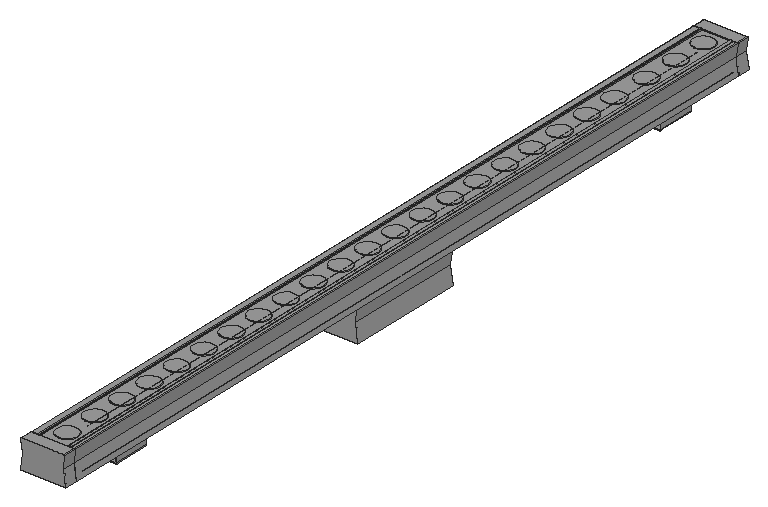
Revit family "SH-1395-80CM", category Lighting Fixtures, Revit 2017
Family settings
  Round Connector Dimension = Use Diameter
  Part Type = Normal
  OmniClass Number = 23.80.70.00
  OmniClass Title = Lighting
  Work Plane-Based = Yes
  Always vertical = No
  Cut with Voids When Loaded = No
  Light Source = No
  Shared = Yes
  Room Calculation Point = No
Parameters (values of type "Sh-1395-24W-80cm(anodized aluminum color-2000K-LED)")
  wattage = 24 W
  instalation = ""
  consumption current = 0.11 A
  color temperature = "2000K"
  color rendering index(CRI) = ""
  Width = 4.2377 cm
  Website = "www.shoaco.com"
  Voltage/Frequency = "230V/50HZ"
  URL = "https://www.shoaco.com/fa/product/%D9%BE%D8%B1%D9%88%DA%98%DA%A9%D8%AA%D9%88%D8%B1-%D9%87%D8%A7/533-%D9%88%D8%A7%D9%84-%D9%88%D8%A7%D8%B4%D8%B1-sh-1395-24LED.html"
  Type medule = "Power LED"
  Protection Class = "Class I"
  Model = "SH-1395-40cm"
  Manufacturer = "SHOA"
  Luminaire Vertical Angle [instance] = 0.00°
  Length = 82.3547 cm
  Lamp = "LED"
  IP = "IP65"
  Height = 7.345 cm
  Flicker = "Free Flicker"
  Default Elevation = 121.92 cm
  Body color = Anodize color
  Body Material = "Aluminum"
  6000K = no
  3000K = no
  2000K = yes
Types (4, lengths in cm): name | color temperature | 6000K | 3000K | 2000K
  (no name) | "2000K" | no | no | yes
  Sh-1395-24W-80cm(anodized aluminum color-3000K-LED) | "3000K" | no | yes | no
  Sh-1395-24W-80cm(anodized aluminum color-2000K-LED) | "2000K" | no | no | yes
  Sh-1395-24W-80cm(anodized aluminum color-6000K-LED) | "6000K" | yes | no | no
Reference planes (cm)
  plane 1 "Light Source Axis (F/B)": y = 0
  plane 2: z = 0
  plane 3 "Light Source Axis (L/R)": x = 0
  plane 4 "Light Source Elevation": z = 137.16
  plane 5: x = -1.2506
  plane 6: x = 2.9871
  plane 7: z = 7.345
Forms (cm)
  Extrusion 1, solid, not visible
    sketch origin (58.7935, 36.7249, 0) x (1, 0, 0) y (0, 1, 0)
      loop
        line (31.2065, 29.2751) -> (-148.7935, 29.2751) -> (-148.7935, -100.7249) -> (31.2065, -100.7249) -> (31.2065, 29.2751)
    from -8 to 0
Dimensions and locks (cm)
  "Width": plane 5 to plane 6
  "Height": plane 7 to Extrusion 1
  "Length": nested 2 to nested 2
  aligned and locked: level to plane 2
  aligned and locked: level to Extrusion 1
Automatic sketch dimensions
  plane 5 to Extrusion 1 sketch curve = 88.7494 cm
  Extrusion 1 sketch curve to plane 6 = 87.0129 cm
  plane 1 "Light Source Axis (F/B)" to Extrusion 1 sketch curve = 64.0 cm
  Extrusion 1 sketch curve to plane 1 "Light Source Axis (F/B)" = 66.0 cm
Nested families (cm)
  nested 1: "1395-80cm.ies" at (0.9072, -15.4352, 7.8177) x (0.0004, 0, -1) z (0, 1, 0), visible <- "2000K", type "1395-80cm-2000K"
  nested 2: "1395-80cm" at (0.8689, -6.1875, 3.1013) x (-1, 0, 0) z (0, 0, 1), Luminaire Vertical Angle <- "Luminaire Vertical Angle", Body color <- "Body color", type "1395-80cm"
    with Luminaire Vertical Angle 0.00°, Body color Anodize color
  nested 3: "1395-80cm.ies" at (0.9072, 38.2083, 7.823) x (0.0004, 0, -1) z (0, 1, 0), visible <- "2000K", type "1395-80cm-2000K"
  nested 4: "1395-80cm.ies" at (0.9072, 14.3283, 7.7916) x (0.0004, 0, -1) z (0, 1, 0), visible <- "2000K", type "1395-80cm-2000K"
  nested 5: "1395-80cm.ies" at (0.9072, 17.5673, 7.823) x (0.0004, 0, -1) z (0, 1, 0), visible <- "2000K", type "1395-80cm-2000K"
  nested 6: "1395-80cm.ies" at (0.9072, 20.8831, 7.823) x (0.0004, 0, -1) z (0, 1, 0), visible <- "2000K", type "1395-80cm-2000K"
  nested 7: "1395-80cm.ies" at (0.9072, 24.1006, 7.7955) x (0.0004, 0, -1) z (0, 1, 0), visible <- "2000K", type "1395-80cm-2000K"
  nested 8: "1395-80cm.ies" at (0.9072, 27.4831, 7.823) x (0.0004, 0, -1) z (0, 1, 0), visible <- "2000K", type "1395-80cm-2000K"
  nested 9: "1395-80cm.ies" at (0.9072, 31.3331, 7.823) x (0.0004, 0, -1) z (0, 1, 0), visible <- "2000K", type "1395-80cm-2000K"
  nested 10: "1395-80cm.ies" at (0.9072, 34.7981, 7.823) x (0.0004, 0, -1) z (0, 1, 0), visible <- "2000K", type "1395-80cm-2000K"
  nested 11: "1395-80cm.ies" at (0.9072, 10.9006, 7.823) x (0.0004, 0, -1) z (0, 1, 0), visible <- "2000K", type "1395-80cm-2000K"
  nested 12: "1395-80cm.ies" at (0.9072, -38.6327, 7.8901) x (0.0004, 0, -1) z (0, 1, 0), visible <- "2000K", type "1395-80cm-2000K"
  nested 13: "1395-80cm.ies" at (0.9072, -35.2471, 7.8135) x (0.0004, 0, -1) z (0, 1, 0), visible <- "2000K", type "1395-80cm-2000K"
  nested 14: "1395-80cm.ies" at (0.9072, -31.9016, 7.8089) x (0.0004, 0, -1) z (0, 1, 0), visible <- "2000K", type "1395-80cm-2000K"
  nested 15: "1395-80cm.ies" at (0.9072, -28.6642, 7.8219) x (0.0004, 0, -1) z (0, 1, 0), visible <- "2000K", type "1395-80cm-2000K"
  nested 16: "1395-80cm.ies" at (0.9072, -25.3498, 7.8019) x (0.0004, 0, -1) z (0, 1, 0), visible <- "2000K", type "1395-80cm-2000K"
  nested 17: "1395-80cm.ies" at (0.9072, -22.1203, 7.8235) x (0.0004, 0, -1) z (0, 1, 0), visible <- "2000K", type "1395-80cm-2000K"
  nested 18: "1395-80cm.ies" at (0.9072, -18.6841, 7.823) x (0.0004, 0, -1) z (0, 1, 0), visible <- "2000K", type "1395-80cm-2000K"
  nested 19: "1395-80cm.ies" at (0.9072, -12.0767, 7.8231) x (0.0004, 0, -1) z (0, 1, 0), visible <- "2000K", type "1395-80cm-2000K"
  nested 20: "1395-80cm.ies" at (0.9072, -8.8537, 7.844) x (0.0004, 0, -1) z (0, 1, 0), visible <- "2000K", type "1395-80cm-2000K"
  nested 21: "1395-80cm.ies" at (0.9072, -5.4434, 7.7398) x (0.0004, 0, -1) z (0, 1, 0), visible <- "2000K", type "1395-80cm-2000K"
  nested 22: "1395-80cm.ies" at (0.9072, -2.1995, 7.7814) x (0.0004, 0, -1) z (0, 1, 0), visible <- "2000K", type "1395-80cm-2000K"
  nested 23: "1395-80cm.ies" at (0.9072, 1.1206, 7.7817) x (0.0004, 0, -1) z (0, 1, 0), visible <- "2000K", type "1395-80cm-2000K"
  nested 24: "1395-80cm.ies" at (0.9072, 4.4022, 7.7822) x (0.0004, 0, -1) z (0, 1, 0), visible <- "2000K", type "1395-80cm-2000K"
  nested 25: "1395-80cm.ies" at (0.9072, 7.6329, 7.7822) x (0.0004, 0, -1) z (0, 1, 0), visible <- "2000K", type "1395-80cm-2000K"
  nested 26: "1395-80cm.ies" at (0.9072, 38.2083, 7.823) x (0.0004, 0, -1) z (0, 1, 0), visible <- "3000K", type "1395-80cm-3000K"
  nested 27: "1395-80cm.ies" at (0.9072, 14.3283, 7.7916) x (0.0004, 0, -1) z (0, 1, 0), visible <- "3000K", type "1395-80cm-3000K"
  nested 28: "1395-80cm.ies" at (0.9072, 17.5673, 7.823) x (0.0004, 0, -1) z (0, 1, 0), visible <- "3000K", type "1395-80cm-3000K"
  nested 29: "1395-80cm.ies" at (0.9072, 20.8831, 7.823) x (0.0004, 0, -1) z (0, 1, 0), visible <- "3000K", type "1395-80cm-3000K"
  nested 30: "1395-80cm.ies" at (0.9072, 24.1006, 7.7955) x (0.0004, 0, -1) z (0, 1, 0), visible <- "3000K", type "1395-80cm-3000K"
  nested 31: "1395-80cm.ies" at (0.9072, 27.4831, 7.823) x (0.0004, 0, -1) z (0, 1, 0), visible <- "3000K", type "1395-80cm-3000K"
  nested 32: "1395-80cm.ies" at (0.9072, 31.3331, 7.823) x (0.0004, 0, -1) z (0, 1, 0), visible <- "3000K", type "1395-80cm-3000K"
  nested 33: "1395-80cm.ies" at (0.9072, 34.7981, 7.823) x (0.0004, 0, -1) z (0, 1, 0), visible <- "3000K", type "1395-80cm-3000K"
  nested 34: "1395-80cm.ies" at (0.9072, 10.9006, 7.823) x (0.0004, 0, -1) z (0, 1, 0), visible <- "3000K", type "1395-80cm-3000K"
  nested 35: "1395-80cm.ies" at (0.9072, -38.6327, 7.8901) x (0.0004, 0, -1) z (0, 1, 0), visible <- "3000K", type "1395-80cm-3000K"
  nested 36: "1395-80cm.ies" at (0.9072, -35.2471, 7.8135) x (0.0004, 0, -1) z (0, 1, 0), visible <- "3000K", type "1395-80cm-3000K"
  nested 37: "1395-80cm.ies" at (0.9072, -31.9016, 7.8089) x (0.0004, 0, -1) z (0, 1, 0), visible <- "3000K", type "1395-80cm-3000K"
  nested 38: "1395-80cm.ies" at (0.9072, -28.6642, 7.8219) x (0.0004, 0, -1) z (0, 1, 0), visible <- "3000K", type "1395-80cm-3000K"
  nested 39: "1395-80cm.ies" at (0.9072, -25.3498, 7.8019) x (0.0004, 0, -1) z (0, 1, 0), visible <- "3000K", type "1395-80cm-3000K"
  nested 40: "1395-80cm.ies" at (0.9072, -22.1203, 7.8235) x (0.0004, 0, -1) z (0, 1, 0), visible <- "3000K", type "1395-80cm-3000K"
  nested 41: "1395-80cm.ies" at (0.9072, -18.6841, 7.823) x (0.0004, 0, -1) z (0, 1, 0), visible <- "3000K", type "1395-80cm-3000K"
  nested 42: "1395-80cm.ies" at (0.9072, -12.0767, 7.8231) x (0.0004, 0, -1) z (0, 1, 0), visible <- "3000K", type "1395-80cm-3000K"
  nested 43: "1395-80cm.ies" at (0.9072, -8.8537, 7.844) x (0.0004, 0, -1) z (0, 1, 0), visible <- "3000K", type "1395-80cm-3000K"
  nested 44: "1395-80cm.ies" at (0.9072, -5.4434, 7.7398) x (0.0004, 0, -1) z (0, 1, 0), visible <- "3000K", type "1395-80cm-3000K"
  nested 45: "1395-80cm.ies" at (0.9072, -2.1995, 7.7814) x (0.0004, 0, -1) z (0, 1, 0), visible <- "3000K", type "1395-80cm-3000K"
  nested 46: "1395-80cm.ies" at (0.9072, 1.1206, 7.7817) x (0.0004, 0, -1) z (0, 1, 0), visible <- "3000K", type "1395-80cm-3000K"
  nested 47: "1395-80cm.ies" at (0.9072, 4.4022, 7.7822) x (0.0004, 0, -1) z (0, 1, 0), visible <- "3000K", type "1395-80cm-3000K"
  nested 48: "1395-80cm.ies" at (0.9072, 7.6329, 7.7822) x (0.0004, 0, -1) z (0, 1, 0), visible <- "3000K", type "1395-80cm-3000K"
  nested 49: "1395-80cm.ies" at (0.9072, -19.9341, 7.823) x (0.0004, 0, -1) z (0, 1, 0), visible <- "3000K", type "1395-80cm-3000K"
  nested 50: "1395-80cm.ies" at (0.9072, 38.2083, 7.823) x (0.0004, 0, -1) z (0, 1, 0), visible <- "6000K", type "1395-80cm-6000K"
  nested 51: "1395-80cm.ies" at (0.9072, 14.3283, 7.7916) x (0.0004, 0, -1) z (0, 1, 0), visible <- "6000K", type "1395-80cm-6000K"
  nested 52: "1395-80cm.ies" at (0.9072, 17.5673, 7.823) x (0.0004, 0, -1) z (0, 1, 0), visible <- "6000K", type "1395-80cm-6000K"
  nested 53: "1395-80cm.ies" at (0.9072, 20.8831, 7.823) x (0.0004, 0, -1) z (0, 1, 0), visible <- "6000K", type "1395-80cm-6000K"
  nested 54: "1395-80cm.ies" at (0.9072, 24.1006, 7.7955) x (0.0004, 0, -1) z (0, 1, 0), visible <- "6000K", type "1395-80cm-6000K"
  nested 55: "1395-80cm.ies" at (0.9072, 27.4831, 7.823) x (0.0004, 0, -1) z (0, 1, 0), visible <- "6000K", type "1395-80cm-6000K"
  nested 56: "1395-80cm.ies" at (0.9072, 31.3331, 7.823) x (0.0004, 0, -1) z (0, 1, 0), visible <- "6000K", type "1395-80cm-6000K"
  nested 57: "1395-80cm.ies" at (0.9072, 34.7981, 7.823) x (0.0004, 0, -1) z (0, 1, 0), visible <- "6000K", type "1395-80cm-6000K"
  nested 58: "1395-80cm.ies" at (0.9072, 10.9006, 7.823) x (0.0004, 0, -1) z (0, 1, 0), visible <- "6000K", type "1395-80cm-6000K"
  nested 59: "1395-80cm.ies" at (0.9072, -38.6327, 7.8901) x (0.0004, 0, -1) z (0, 1, 0), visible <- "6000K", type "1395-80cm-6000K"
  nested 60: "1395-80cm.ies" at (0.9072, -35.2471, 7.8135) x (0.0004, 0, -1) z (0, 1, 0), visible <- "6000K", type "1395-80cm-6000K"
  nested 61: "1395-80cm.ies" at (0.9072, -31.9016, 7.8089) x (0.0004, 0, -1) z (0, 1, 0), visible <- "6000K", type "1395-80cm-6000K"
  nested 62: "1395-80cm.ies" at (0.9072, -28.6642, 7.8219) x (0.0004, 0, -1) z (0, 1, 0), visible <- "6000K", type "1395-80cm-6000K"
  nested 63: "1395-80cm.ies" at (0.9072, -25.3498, 7.8019) x (0.0004, 0, -1) z (0, 1, 0), visible <- "6000K", type "1395-80cm-6000K"
  nested 64: "1395-80cm.ies" at (0.9072, -22.1203, 7.8235) x (0.0004, 0, -1) z (0, 1, 0), visible <- "6000K", type "1395-80cm-6000K"
  nested 65: "1395-80cm.ies" at (0.9072, -18.6841, 7.823) x (0.0004, 0, -1) z (0, 1, 0), visible <- "6000K", type "1395-80cm-6000K"
  nested 66: "1395-80cm.ies" at (0.9072, -12.0767, 7.8231) x (0.0004, 0, -1) z (0, 1, 0), visible <- "6000K", type "1395-80cm-6000K"
  nested 67: "1395-80cm.ies" at (0.9072, -8.8537, 7.844) x (0.0004, 0, -1) z (0, 1, 0), visible <- "6000K", type "1395-80cm-6000K"
  nested 68: "1395-80cm.ies" at (0.9072, -5.4434, 7.7398) x (0.0004, 0, -1) z (0, 1, 0), visible <- "6000K", type "1395-80cm-6000K"
  nested 69: "1395-80cm.ies" at (0.9072, -2.1995, 7.7814) x (0.0004, 0, -1) z (0, 1, 0), visible <- "6000K", type "1395-80cm-6000K"
  nested 70: "1395-80cm.ies" at (0.9072, 1.1206, 7.7817) x (0.0004, 0, -1) z (0, 1, 0), visible <- "6000K", type "1395-80cm-6000K"
  nested 71: "1395-80cm.ies" at (0.9072, 4.4022, 7.7822) x (0.0004, 0, -1) z (0, 1, 0), visible <- "6000K", type "1395-80cm-6000K"
  nested 72: "1395-80cm.ies" at (0.9072, 7.6329, 7.7822) x (0.0004, 0, -1) z (0, 1, 0), visible <- "6000K", type "1395-80cm-6000K"
  nested 73: "1395-80cm.ies" at (0.9072, -19.9341, 7.823) x (0.0004, 0, -1) z (0, 1, 0), visible <- "6000K", type "1395-80cm-6000K"
Connectors (cm)
  electrical at (0.882, -0.4982, 1.0216)
    settings: on nested 2, index 1, voltage 230 V, apparent load 0 VA, apparent load phase1 0 VA, apparent load phase2 0 VA, apparent load phase3 0 VA, power factor 1, load classification "Other", number of poles 1, system type 31, power factor state 1, is connector primary yes, connector utility no, sub classification motor no, connector description ""
Definition of nested family "1395-80cm"
  Parameters (values of type "Family3")
    Luminaire Vertical Angle [instance] = 0.00°
    Default Elevation = 121.92 cm
    Body color [instance] = none
  Reference planes (cm)
    plane 1 "Center (Front/Back)": y = 0
    plane 2: z = 0
    plane 3 "Center (Left/Right)": x = 0
  Forms (cm)
    Extrusion 1, solid, not visible
      sketch origin (0, 0, 0) x (1, 0, 0) y (0, 1, 0)
        loop
          line (50, 59.7561) -> (-50, 59.7561) -> (-50, -66) -> (50, -66) -> (50, 59.7561)
      from 0 to -7.867
    Extrusion 2, solid, material <- "Body color"
      sketch origin (-0.0032, 0, 27.9152) x (-0.000432, 0, -1) y (1, 0, -0.000432)
        loop
          line (26.9927, 1.965) -> (26.9927, 2.201) -> (25.4269, 1.9786) -> (24.26, 2.1282)
          arc (24.26, 2.1282) -> (24.2021, 2.1105) -> (24.1771, 2.0553) r 0.0735
          line (24.1771, 2.0553) -> (24.1771, 1.4818)
          arc (24.1771, 1.4818) -> (24.1926, 1.4443) -> (24.2301, 1.4288) r 0.053
          line (24.2301, 1.4288) -> (24.3275, 1.4288)
          arc (24.3275, 1.4288) -> (24.3701, 1.4464) -> (24.3878, 1.489) r 0.0603
          line (24.3878, 1.489) -> (24.3878, 1.5758) -> (24.2888, 1.6376) -> (24.303, 1.7275) -> (24.7028, 1.7275) -> (25.025, 1.7275)
          arc (25.025, 1.7275) -> (25.0623, 1.7121) -> (25.0778, 1.6748) r 0.0528
          line (25.0778, 1.6748) -> (25.0778, 1.5075) -> (24.9378, 1.5075) -> (24.9378, 1.3775) -> (26.2978, 1.3775) -> (26.2978, 1.5075) -> (26.4976, 1.5075)
          arc (26.4976, 1.5075) -> (26.5331, 1.4929) -> (26.5478, 1.4574) r 0.0501
          line (26.5478, 1.4574) -> (26.5478, 0.0075) -> (26.5478, -1.4423)
          arc (26.5478, -1.4423) -> (26.5331, -1.4778) -> (26.4976, -1.4925) r 0.0501
          line (26.4976, -1.4925) -> (26.2978, -1.4925) -> (26.2978, -1.3625) -> (24.9378, -1.3625) -> (24.9378, -1.4925) -> (25.0778, -1.4925) -> (25.0778, -1.6597)
          arc (25.0778, -1.6597) -> (25.0623, -1.697) -> (25.025, -1.7125) r 0.0528
          line (25.025, -1.7125) -> (24.7028, -1.7125) -> (24.303, -1.7125) -> (24.2888, -1.6225) -> (24.3878, -1.5607) -> (24.3878, -1.474)
          arc (24.3878, -1.474) -> (24.3701, -1.4313) -> (24.3275, -1.4137) r 0.0603
          line (24.3275, -1.4137) -> (24.2301, -1.4137)
          arc (24.2301, -1.4137) -> (24.1926, -1.4292) -> (24.1771, -1.4667) r 0.053
          line (24.1771, -1.4667) -> (24.1771, -2.0402)
          arc (24.1771, -2.0402) -> (24.2021, -2.0954) -> (24.26, -2.1132) r 0.0735
          line (24.26, -2.1132) -> (25.4269, -1.9635) -> (26.9927, -2.1859) -> (26.9927, -1.9499) -> (26.6878, -1.9066) -> (26.6878, -1.8073)
          arc (26.6878, -1.8073) -> (26.6463, -1.7538) -> (26.5841, -1.7806) r 0.0553
          arc (26.5841, -1.7806) -> (26.4628, -1.8346) -> (26.3779, -1.7326) r 0.11
          arc (26.3779, -1.7326) -> (26.4468, -1.6253) -> (26.5708, -1.6553) r 0.11
          arc (26.5708, -1.6553) -> (26.6444, -1.6741) -> (26.6878, -1.6116) r 0.0666
          line (26.6878, -1.6116) -> (26.6878, -1.4707)
          arc (26.6878, -1.4707) -> (26.7048, -1.4295) -> (26.746, -1.4125) r 0.0583
          line (26.746, -1.4125) -> (26.8353, -1.4125)
          arc (26.8353, -1.4125) -> (26.8729, -1.428) -> (26.8885, -1.4657) r 0.0532
          line (26.8885, -1.4657) -> (26.8885, -1.5901)
          arc (26.8885, -1.5901) -> (26.9396, -1.6411) -> (26.9907, -1.5901) r 0.0511
          line (26.9907, -1.5901) -> (26.9907, -1.234)
          arc (26.9907, -1.234) -> (26.9756, -1.1976) -> (26.9391, -1.1825) r 0.0516
          line (26.9391, -1.1825) -> (26.7278, -1.1825)
          arc (26.7278, -1.1825) -> (26.6678, -1.1225) -> (26.7278, -1.0625) r 0.06
          line (26.7278, -1.0625) -> (26.9465, -1.0625)
          arc (26.9465, -1.0625) -> (26.9915, -1.0175) -> (26.9465, -0.9725) r 0.045
          line (26.9465, -0.9725) -> (26.7278, -0.9725)
          arc (26.7278, -0.9725) -> (26.6678, -0.9125) -> (26.7278, -0.8525) r 0.06
          line (26.7278, -0.8525) -> (26.9543, -0.8525)
          arc (26.9543, -0.8525) -> (26.9993, -0.8075) -> (26.9543, -0.7625) r 0.045
          line (26.9543, -0.7625) -> (26.7278, -0.7625)
          arc (26.7278, -0.7625) -> (26.6678, -0.7025) -> (26.7278, -0.6425) r 0.06
          line (26.7278, -0.6425) -> (26.9465, -0.6425)
          arc (26.9465, -0.6425) -> (26.9915, -0.5975) -> (26.9465, -0.5525) r 0.045
          line (26.9465, -0.5525) -> (26.7278, -0.5525)
          arc (26.7278, -0.5525) -> (26.6678, -0.4925) -> (26.7278, -0.4325) r 0.06
          line (26.7278, -0.4325) -> (26.9379, -0.4325)
          arc (26.9379, -0.4325) -> (26.9747, -0.4172) -> (26.9899, -0.3804) r 0.052
          line (26.9899, -0.3804) -> (26.9899, 0.0075) -> (26.9899, 0.3955)
          arc (26.9899, 0.3955) -> (26.9747, 0.4323) -> (26.9379, 0.4475) r 0.052
          line (26.9379, 0.4475) -> (26.7278, 0.4475)
          arc (26.7278, 0.4475) -> (26.6678, 0.5075) -> (26.7278, 0.5675) r 0.06
          line (26.7278, 0.5675) -> (26.9543, 0.5675)
          arc (26.9543, 0.5675) -> (26.9993, 0.6125) -> (26.9543, 0.6575) r 0.045
          line (26.9543, 0.6575) -> (26.7278, 0.6575)
          arc (26.7278, 0.6575) -> (26.6678, 0.7175) -> (26.7278, 0.7775) r 0.06
          line (26.7278, 0.7775) -> (26.9465, 0.7775)
          arc (26.9465, 0.7775) -> (26.9915, 0.8225) -> (26.9465, 0.8675) r 0.045
          line (26.9465, 0.8675) -> (26.7278, 0.8675)
          arc (26.7278, 0.8675) -> (26.6678, 0.9275) -> (26.7278, 0.9875) r 0.06
          line (26.7278, 0.9875) -> (26.9543, 0.9875)
          arc (26.9543, 0.9875) -> (26.9993, 1.0325) -> (26.9543, 1.0775) r 0.045
          line (26.9543, 1.0775) -> (26.7278, 1.0775)
          arc (26.7278, 1.0775) -> (26.6678, 1.1375) -> (26.7278, 1.1975) r 0.06
          line (26.7278, 1.1975) -> (26.9391, 1.1975)
          arc (26.9391, 1.1975) -> (26.9756, 1.2126) -> (26.9907, 1.2491) r 0.0516
          line (26.9907, 1.2491) -> (26.9907, 1.6051)
          arc (26.9907, 1.6051) -> (26.9396, 1.6562) -> (26.8885, 1.6051) r 0.0511
          line (26.8885, 1.6051) -> (26.8885, 1.4808)
          arc (26.8885, 1.4808) -> (26.8729, 1.4431) -> (26.8353, 1.4275) r 0.0532
          line (26.8353, 1.4275) -> (26.746, 1.4275)
          arc (26.746, 1.4275) -> (26.7048, 1.4446) -> (26.6878, 1.4858) r 0.0583
          line (26.6878, 1.4858) -> (26.6878, 1.6267)
          arc (26.6878, 1.6267) -> (26.6444, 1.6892) -> (26.5708, 1.6704) r 0.0666
          arc (26.5708, 1.6704) -> (26.4468, 1.6404) -> (26.3779, 1.7477) r 0.11
          arc (26.3779, 1.7477) -> (26.4628, 1.8497) -> (26.5841, 1.7957) r 0.11
          arc (26.5841, 1.7957) -> (26.6463, 1.7688) -> (26.6878, 1.8224) r 0.0553
          line (26.6878, 1.8224) -> (26.6878, 1.9217) -> (26.9983, 1.9658)
      from -34.0478 to 45.9068
    Extrusion 3, solid, material <- "Body color"
      sketch origin (-0.0032, 0, 27.9152) x (-0.000432, 0, -1) y (1, 0, -0.000432)
        loop
          line (24.9378, -1.4925) -> (24.9378, 1.5075) -> (24.8466, 1.5075) -> (24.8466, -1.4925) -> (24.9378, -1.4925)
      from 45.9068 to -34.0478
    Extrusion 4, solid, material <- "Body color"
      sketch origin (-0.0032, 0, 27.9152) x (-0.000432, 0, -1) y (1, 0, -0.000432)
        loop
          line (24.2301, 1.4288) -> (24.2301, -1.4137) -> (24.3275, -1.4137) -> (24.3275, 1.4288) -> (24.2301, 1.4288)
      from 45.9068 to -34.0478
    Extrusion 5, solid, material <- "Body color"
      sketch origin (-0.0032, 0, 27.9152) x (-0.000432, 0, -1) y (1, 0, -0.000432)
        loop
          line (26.8366, -1.5373) -> (26.7566, -1.5373) -> (26.7566, -1.7172)
          arc (26.7566, -1.7172) -> (26.7952, -1.8104) -> (26.8884, -1.849) r 0.1318
          line (26.8884, -1.849) -> (27.8524, -1.849)
          arc (27.8524, -1.849) -> (27.9454, -1.8105) -> (27.9839, -1.7175) r 0.1315
          line (27.9839, -1.7175) -> (27.9839, -0.2396)
          arc (27.9839, -0.2396) -> (28.1337, -0.1536) -> (28.2155, -0.0016) r 0.3148
          arc (28.2155, -0.0016) -> (28.1337, 0.1504) -> (27.9839, 0.2364) r 0.3148
          line (27.9839, 0.2364) -> (27.9839, 1.6752)
          arc (27.9839, 1.6752) -> (27.9454, 1.7682) -> (27.8524, 1.8067) r 0.1315
          line (27.8524, 1.8067) -> (26.8884, 1.8067)
          arc (26.8884, 1.8067) -> (26.7952, 1.7681) -> (26.7566, 1.6749) r 0.1318
          line (26.7566, 1.6749) -> (26.7566, 1.5373) -> (26.8366, 1.5373) -> (26.8366, 1.6749)
          arc (26.8366, 1.6749) -> (26.8518, 1.7115) -> (26.8884, 1.7267) r 0.0518
          line (26.8884, 1.7267) -> (27.8524, 1.7267)
          arc (27.8524, 1.7267) -> (27.8889, 1.7116) -> (27.9039, 1.6752) r 0.0515
          line (27.9039, 1.6752) -> (27.9039, 0.2207)
          arc (27.9039, 0.2207) -> (27.9177, 0.1823) -> (27.9528, 0.1614) r 0.0604
          arc (27.9528, 0.1614) -> (28.0656, 0.105) -> (28.1329, -0.0016) r 0.2348
          arc (28.1329, -0.0016) -> (28.0656, -0.1082) -> (27.9528, -0.1646) r 0.2348
          arc (27.9528, -0.1646) -> (27.9177, -0.1855) -> (27.9039, -0.2239) r 0.0604
          line (27.9039, -0.2239) -> (27.9039, -1.7175)
          arc (27.9039, -1.7175) -> (27.8889, -1.754) -> (27.8524, -1.769) r 0.0515
          line (27.8524, -1.769) -> (26.8884, -1.769)
          arc (26.8884, -1.769) -> (26.8518, -1.7539) -> (26.8366, -1.7172) r 0.0518
          line (26.8366, -1.7172) -> (26.8366, -1.5373)
      from 37.0231 to 40.5707
    Extrusion 6, solid, material <- "Body color"
      sketch origin (-0.0032, 0, 27.9152) x (-0.000432, 0, -1) y (1, 0, -0.000432)
        loop
          arc (24.26, 2.1245) -> (24.2021, 2.1068) -> (24.1771, 2.0516) r 0.0735
          line (24.1771, 2.0516) -> (24.1771, -2.04)
          arc (24.1771, -2.04) -> (24.2021, -2.0952) -> (24.26, -2.1129) r 0.0735
          line (24.26, -2.1129) -> (25.4126, -1.9651) -> (26.9996, -2.1906) -> (26.9996, 2.1965) -> (25.4336, 1.974) -> (24.26, 2.1245)
      from 45.9068 to 47.0972
    Extrusion 7, solid, material <- "Body color"
      sketch origin (-0.0032, 0, 27.9152) x (-0.000432, 0, -1) y (1, 0, -0.000432)
        loop
          line (24.1771, 2.0553) -> (24.1771, -2.0402)
          arc (24.1771, -2.0402) -> (24.2021, -2.0954) -> (24.26, -2.1132) r 0.0735
          line (24.26, -2.1132) -> (25.4269, -1.9635) -> (26.9996, -2.1869) -> (26.9996, 2.202) -> (25.4269, 1.9786) -> (24.26, 2.1282)
          arc (24.26, 2.1282) -> (24.2021, 2.1105) -> (24.1771, 2.0553) r 0.0735
      from -35.2575 to -34.0478
    Extrusion 8, solid
      sketch origin (1.4152, 0, 3.6844) x (-1, 0, 0.000432) y (0, -1, 0)
        loop
          circle (1.4738, 44.3792) r 1
      from -0.3052 to 0.0069
    Extrusion 9, solid
      sketch origin (1.4152, 0, 3.6844) x (-1, 0, 0.000432) y (0, -1, 0)
        loop
          circle (1.4738, -32.4004) r 1
      from -0.3052 to 0.0069
    Extrusion 10, solid, material <- "Body color"
      sketch origin (-0.0032, 0, 27.9152) x (-0.000432, 0, -1) y (1, 0, -0.000432)
        loop
          line (26.9899, 2.0516) -> (26.9899, -2.04)
          arc (26.9899, -2.04) -> (27.0149, -2.0952) -> (27.0728, -2.1129) r 0.0735
          line (27.0728, -2.1129) -> (28.2254, -1.9651) -> (29.9949, -2.2165) -> (29.9949, 2.2224) -> (28.2464, 1.974) -> (27.0728, 2.1245)
          arc (27.0728, 2.1245) -> (27.0149, 2.1068) -> (26.9899, 2.0516) r 0.0735
      from 0 to 11.3786
    Extrusion 11, solid, material <- "Body color"
      sketch origin (-0.0032, 0, 27.9152) x (-0.000432, 0, -1) y (1, 0, -0.000432)
        loop
          line (26.8366, -1.5373) -> (26.7566, -1.5373) -> (26.7566, -1.7172)
          arc (26.7566, -1.7172) -> (26.7952, -1.8104) -> (26.8884, -1.849) r 0.1318
          line (26.8884, -1.849) -> (27.8547, -1.849)
          arc (27.8547, -1.849) -> (27.9477, -1.8105) -> (27.9862, -1.7175) r 0.1315
          line (27.9862, -1.7175) -> (27.9862, -0.238)
          arc (27.9862, -0.238) -> (28.136, -0.152) -> (28.2178, 0) r 0.3148
          arc (28.2178, 0) -> (28.136, 0.152) -> (27.9862, 0.238) r 0.3148
          line (27.9862, 0.238) -> (27.9862, 1.6752)
          arc (27.9862, 1.6752) -> (27.9477, 1.7682) -> (27.8547, 1.8067) r 0.1315
          line (27.8547, 1.8067) -> (26.8884, 1.8067)
          arc (26.8884, 1.8067) -> (26.7952, 1.7681) -> (26.7566, 1.6749) r 0.1318
          line (26.7566, 1.6749) -> (26.7566, 1.5373) -> (26.8366, 1.5373) -> (26.8366, 1.6749)
          arc (26.8366, 1.6749) -> (26.8518, 1.7115) -> (26.8884, 1.7267) r 0.0518
          line (26.8884, 1.7267) -> (27.8547, 1.7267)
          arc (27.8547, 1.7267) -> (27.8912, 1.7116) -> (27.9062, 1.6752) r 0.0515
          line (27.9062, 1.6752) -> (27.9062, 0.2223)
          arc (27.9062, 0.2223) -> (27.92, 0.1839) -> (27.9551, 0.163) r 0.0604
          arc (27.9551, 0.163) -> (28.0679, 0.1066) -> (28.1352, 0) r 0.2348
          arc (28.1352, 0) -> (28.0679, -0.1066) -> (27.9551, -0.163) r 0.2348
          arc (27.9551, -0.163) -> (27.92, -0.1839) -> (27.9062, -0.2223) r 0.0604
          line (27.9062, -0.2223) -> (27.9062, -1.7175)
          arc (27.9062, -1.7175) -> (27.8912, -1.754) -> (27.8547, -1.769) r 0.0515
          line (27.8547, -1.769) -> (26.8884, -1.769)
          arc (26.8884, -1.769) -> (26.8518, -1.7539) -> (26.8366, -1.7172) r 0.0518
          line (26.8366, -1.7172) -> (26.8366, -1.5373)
      from -28.6446 to -25.169
    Extrusion 12, solid
      sketch origin (1.4152, 0, 3.6844) x (-1, 0, 0.000432) y (0, -1, 0)
        loop
          circle (1.4738, -29.0983) r 1
      from -0.3052 to 0.0069
    Extrusion 13, solid
      sketch origin (1.4152, 0, 3.6844) x (-1, 0, 0.000432) y (0, -1, 0)
        loop
          circle (1.4738, -25.7982) r 1
        loop
          circle (1.4738, -22.5021) r 1
        loop
          circle (1.4738, -19.205) r 1
        loop
          circle (1.4738, -15.9079) r 1
        loop
          circle (1.4738, -12.6107) r 1
        loop
          circle (1.4738, -9.3106) r 1
        loop
          circle (1.4738, -6.0105) r 1
        loop
          circle (1.4738, -2.7104) r 1
        loop
          circle (1.4738, 0.5897) r 1
        loop
          circle (1.4738, 3.8879) r 1
        loop
          circle (1.4738, 7.1854) r 1
        loop
          circle (1.4738, 10.4855) r 1
        loop
          circle (1.4738, 13.7856) r 1
        loop
          circle (1.4738, 17.0857) r 1
        loop
          circle (1.4738, 20.3859) r 1
        loop
          circle (1.4738, 23.686) r 1
        loop
          circle (1.4738, 26.9826) r 1
        loop
          circle (1.4738, 30.2864) r 1
        loop
          circle (1.4738, 33.6134) r 1
      from -0.3052 to 0.0069
    Extrusion 14, solid
      sketch origin (1.4152, 0, 3.6844) x (-1, 0, 0.000432) y (0, -1, 0)
        loop
          circle (1.4738, 37.4547) r 1
      from -0.3052 to 0.0069
    Extrusion 15, solid
      sketch origin (1.4152, 0, 3.6844) x (-1, 0, 0.000432) y (0, -1, 0)
        loop
          circle (1.4738, 41.0048) r 1
      from -0.3052 to 0.0069
  Lines and regions (cm)
    reference lines
      curve 1: line (28, 0, 0) -> (0, 0, 0)
  Dimensions and locks (cm)
    "Luminaire Vertical Angle": angle level to curve 1
    aligned and locked: plane 2 to level
    aligned and locked: level to Extrusion 1
    aligned and locked: plane 2 to Extrusion 1
    aligned and locked: curve 1 to Extrusion 1
  Automatic sketch dimensions
    Extrusion 1 sketch curve to plane 3 "Center (Left/Right)" = 50.0 cm
    plane 3 "Center (Left/Right)" to Extrusion 1 sketch curve = 50.0 cm
    plane 1 "Center (Front/Back)" to Extrusion 1 sketch curve = 66.0 cm
    Extrusion 1 sketch curve to plane 1 "Center (Front/Back)" = 59.7561 cm
    Extrusion 2 sketch curve to Extrusion 2 sketch curve = 0.0 cm  (x12)
    Extrusion 2 sketch curve to curve 1 = 3.7381 cm  (x2)
    Extrusion 2 sketch curve to Extrusion 2 sketch curve = 0.053 cm  (x2)
    Extrusion 2 sketch curve to Extrusion 2 sketch curve = 0.0735 cm  (x2)
    Extrusion 2 sketch curve to Extrusion 2 sketch curve = 0.0093 cm  (x2)
    Extrusion 2 sketch curve to Extrusion 2 sketch curve = 0.0587 cm  (x2)
    Extrusion 2 sketch curve to Extrusion 2 sketch curve = 0.0142 cm  (x2)
    Extrusion 2 sketch curve to Extrusion 2 sketch curve = 0.0974 cm  (x2)
    Extrusion 2 sketch curve to Extrusion 2 sketch curve = 0.0603 cm  (x2)
    Extrusion 2 sketch curve to Extrusion 2 sketch curve = 0.315 cm  (x2)
    Extrusion 2 sketch curve to Extrusion 2 sketch curve = 0.235 cm  (x2)
    Extrusion 2 sketch curve to Extrusion 2 sketch curve = 0.0872 cm  (x2)
    Extrusion 2 sketch curve to Extrusion 2 sketch curve = 0.14 cm  (x2)
    Extrusion 2 sketch curve to Extrusion 2 sketch curve = 0.0528 cm
    Extrusion 2 sketch curve to Extrusion 2 sketch curve = 0.3492 cm  (x2)
    Extrusion 2 sketch curve to Extrusion 2 sketch curve = 0.8708 cm
    Extrusion 2 sketch curve to curve 1 = 1.6174 cm
    Extrusion 2 sketch curve to Extrusion 2 sketch curve = 0.19 cm  (x2)
    Extrusion 2 sketch curve to Extrusion 2 sketch curve = 0.1999 cm  (x2)
    Extrusion 2 sketch curve to Extrusion 2 sketch curve = 0.0501 cm
    Extrusion 2 sketch curve to Extrusion 2 sketch curve = 0.1235 cm  (x2)
    Extrusion 2 sketch curve to Extrusion 2 sketch curve = 0.1447 cm  (x2)
    Extrusion 2 sketch curve to Extrusion 2 sketch curve = 0.0666 cm
    Extrusion 2 sketch curve to Extrusion 2 sketch curve = 0.0553 cm  (x2)
    Extrusion 2 sketch curve to curve 1 = 1.1874 cm  (x2)
    Extrusion 2 sketch curve to Extrusion 2 sketch curve = 0.04 cm
    Extrusion 2 sketch curve to Extrusion 2 sketch curve = 0.0583 cm  (x2)
    Extrusion 2 sketch curve to Extrusion 2 sketch curve = 0.0892 cm  (x2)
    Extrusion 2 sketch curve to Extrusion 2 sketch curve = 0.0532 cm  (x2)
    Extrusion 2 sketch curve to Extrusion 2 sketch curve = 0.2102 cm  (x2)
    Extrusion 2 sketch curve to Extrusion 2 sketch curve = 0.2114 cm  (x2)
    Extrusion 2 sketch curve to Extrusion 2 sketch curve = 0.0511 cm  (x2)
    Extrusion 2 sketch curve to Extrusion 2 sketch curve = 0.0086 cm
    Extrusion 2 sketch curve to curve 1 = 0.9687 cm
    Extrusion 2 sketch curve to Extrusion 2 sketch curve = 0.2187 cm
    Extrusion 2 sketch curve to curve 1 = 0.9609 cm
    Extrusion 2 sketch curve to Extrusion 2 sketch curve = 0.0078 cm  (x2)
    Extrusion 2 sketch curve to Extrusion 2 sketch curve = 0.052 cm
    Extrusion 2 sketch curve to Extrusion 2 sketch curve = 0.3049 cm  (x2)
    Extrusion 2 sketch curve to curve 1 = 2.2012 cm
    Extrusion 2 sketch curve to curve 1 = 2.1284 cm
    Extrusion 2 sketch curve to curve 1 = 1.9788 cm
    Extrusion 2 sketch curve to Extrusion 2 sketch curve = 0.236 cm  (x2)
    Extrusion 2 sketch curve to Extrusion 2 sketch curve = 0.0433 cm
    Extrusion 2 sketch curve to Extrusion 2 sketch curve = 0.0993 cm  (x2)
    Extrusion 2 sketch curve to Extrusion 2 sketch curve = 0.0798 cm
    Extrusion 2 sketch curve to Extrusion 2 sketch curve = 0.3278 cm  (x2)
    Extrusion 2 sketch curve to Extrusion 2 sketch curve = 0.0899 cm
    Extrusion 2 sketch curve to Extrusion 2 sketch curve = 0.1956 cm
    Extrusion 2 sketch curve to Extrusion 2 sketch curve = 0.0216 cm
    Extrusion 2 sketch curve to Extrusion 2 sketch curve = 0.0618 cm  (x2)
    Extrusion 2 sketch curve to Extrusion 2 sketch curve = 0.1672 cm  (x2)
    Extrusion 2 sketch curve to Extrusion 2 sketch curve = 0.1192 cm
    Extrusion 2 sketch curve to Extrusion 2 sketch curve = 0.0867 cm  (x2)
    Extrusion 2 sketch curve to Extrusion 2 sketch curve = 0.1409 cm  (x2)
    Extrusion 2 sketch curve to Extrusion 2 sketch curve = 0.13 cm  (x2)
    Extrusion 2 sketch curve to Extrusion 2 sketch curve = 0.1784 cm  (x2)
    Extrusion 2 sketch curve to Extrusion 2 sketch curve = 0.06 cm  (x7)
    Extrusion 2 sketch curve to Extrusion 2 sketch curve = 0.045 cm  (x6)
    Extrusion 2 sketch curve to curve 1 = 0.9277 cm
    Extrusion 2 sketch curve to Extrusion 2 sketch curve = 0.388 cm  (x2)
    Extrusion 2 sketch curve to Extrusion 2 sketch curve = 0.18 cm
    Extrusion 2 sketch curve to Extrusion 2 sketch curve = 0.0512 cm
    Extrusion 2 sketch curve to Extrusion 2 sketch curve = 0.0284 cm
    Extrusion 2 sketch curve to Extrusion 2 sketch curve = 0.1244 cm
    Extrusion 2 sketch curve to Extrusion 2 sketch curve = 0.1158 cm
    Extrusion 2 sketch curve to Extrusion 2 sketch curve = 0.1519 cm
    Extrusion 2 sketch curve to Extrusion 2 sketch curve = 0.3039 cm
    Extrusion 2 sketch curve to Extrusion 2 sketch curve = 0.2794 cm
    Extrusion 2 sketch curve to Extrusion 2 sketch curve = 0.1099 cm  (x2)
    Extrusion 2 sketch curve to Extrusion 2 sketch curve = 0.0056 cm
    Extrusion 3 sketch curve to curve 1 = 3.0685 cm
    Extrusion 3 sketch curve to Extrusion 3 sketch curve = 0.0911 cm
    Extrusion 3 sketch curve to curve 1 = 1.5077 cm
    curve 1 to Extrusion 3 sketch curve = 1.4923 cm
    Extrusion 4 sketch curve to curve 1 = 3.6851 cm
    Extrusion 4 sketch curve to Extrusion 4 sketch curve = 0.0974 cm
    Extrusion 4 sketch curve to curve 1 = 1.4289 cm
    curve 1 to Extrusion 4 sketch curve = 1.4136 cm
    Extrusion 5 sketch curve to Extrusion 5 sketch curve = 0.0 cm  (x15)
    Extrusion 5 sketch curve to curve 1 = 1.1586 cm  (x2)
    Extrusion 5 sketch curve to Extrusion 5 sketch curve = 0.08 cm  (x2)
    Extrusion 5 sketch curve to Extrusion 5 sketch curve = 0.0518 cm  (x2)
    Extrusion 5 sketch curve to curve 1 = 0.0627 cm
    Extrusion 5 sketch curve to Extrusion 5 sketch curve = 0.964 cm
    Extrusion 5 sketch curve to Extrusion 5 sketch curve = 0.0515 cm  (x2)
    Extrusion 5 sketch curve to Extrusion 5 sketch curve = 0.0041 cm
    Extrusion 5 sketch curve to Extrusion 5 sketch curve = 0.0196 cm  (x2)
    Extrusion 5 sketch curve to curve 1 = 1.8643 cm
    Extrusion 5 sketch curve to Extrusion 5 sketch curve = 0.18 cm
    Extrusion 5 sketch curve to curve 1 = 0.2548 cm
    Extrusion 5 sketch curve to Extrusion 5 sketch curve = 0.0157 cm  (x2)
    Extrusion 5 sketch curve to Extrusion 5 sketch curve = 0.1548 cm  (x2)
    Extrusion 5 sketch curve to Extrusion 5 sketch curve = 0.135 cm
    Extrusion 5 sketch curve to Extrusion 5 sketch curve = 1.3166 cm
    Extrusion 5 sketch curve to Extrusion 5 sketch curve = 0.1376 cm
    Extrusion 6 sketch curve to curve 1 = 3.7381 cm
    Extrusion 6 sketch curve to Extrusion 6 sketch curve = 0.0735 cm  (x2)
    Extrusion 6 sketch curve to Extrusion 6 sketch curve = 0.0093 cm  (x2)
    Extrusion 6 sketch curve to curve 1 = 2.5026 cm
    Extrusion 6 sketch curve to Extrusion 6 sketch curve = 1.1736 cm
    Extrusion 6 sketch curve to Extrusion 6 sketch curve = 1.566 cm
    Extrusion 6 sketch curve to curve 1 = 2.2058 cm
    Extrusion 6 sketch curve to curve 1 = 2.1281 cm
    Extrusion 6 sketch curve to curve 1 = 1.9804 cm
    curve 1 to Extrusion 6 sketch curve = 1.9588 cm
    Extrusion 6 sketch curve to Extrusion 6 sketch curve = 0.0775 cm
    Extrusion 6 sketch curve to Extrusion 6 sketch curve = 0.2224 cm
    Extrusion 7 sketch curve to curve 1 = 3.7381 cm
    Extrusion 7 sketch curve to Extrusion 7 sketch curve = 0.0735 cm  (x2)
    Extrusion 7 sketch curve to Extrusion 7 sketch curve = 0.0093 cm  (x2)
    Extrusion 7 sketch curve to Extrusion 7 sketch curve = 1.1669 cm
    Extrusion 7 sketch curve to curve 1 = 2.4882 cm
    Extrusion 7 sketch curve to curve 1 = 0.9156 cm
    Extrusion 7 sketch curve to curve 1 = 2.2021 cm
    Extrusion 7 sketch curve to curve 1 = 2.1284 cm
    Extrusion 7 sketch curve to curve 1 = 1.9788 cm
    curve 1 to Extrusion 7 sketch curve = 1.9634 cm
    Extrusion 7 sketch curve to Extrusion 7 sketch curve = 0.0767 cm
    Extrusion 7 sketch curve to Extrusion 7 sketch curve = 0.2234 cm
    Extrusion 4 to Extrusion 8 sketch curve = 1.3687 cm
    Extrusion 4 to Extrusion 8 sketch curve = 1.5276 cm
    Extrusion 4 to Extrusion 9 sketch curve = 1.3687 cm
    Extrusion 4 to Extrusion 9 sketch curve = 1.6474 cm
    Extrusion 10 sketch curve to curve 1 = 0.9252 cm
    Extrusion 10 sketch curve to Extrusion 10 sketch curve = 0.0735 cm  (x2)
    Extrusion 10 sketch curve to Extrusion 10 sketch curve = 0.0093 cm  (x2)
    curve 1 to Extrusion 10 sketch curve = 0.3102 cm
    Extrusion 10 sketch curve to Extrusion 10 sketch curve = 1.1736 cm
    Extrusion 10 sketch curve to Extrusion 10 sketch curve = 1.7485 cm
    Extrusion 10 sketch curve to curve 1 = 2.2317 cm
    Extrusion 10 sketch curve to curve 1 = 2.1281 cm
    Extrusion 10 sketch curve to curve 1 = 1.9804 cm
    curve 1 to Extrusion 10 sketch curve = 1.9588 cm
    Extrusion 10 sketch curve to Extrusion 10 sketch curve = 0.0775 cm
    Extrusion 10 sketch curve to Extrusion 10 sketch curve = 0.2484 cm
    Extrusion 11 sketch curve to Extrusion 11 sketch curve = 0.0 cm  (x15)
    Extrusion 11 sketch curve to curve 1 = 1.1586 cm  (x2)
    Extrusion 11 sketch curve to Extrusion 11 sketch curve = 0.08 cm  (x2)
    Extrusion 11 sketch curve to Extrusion 11 sketch curve = 0.0518 cm  (x2)
    Extrusion 11 sketch curve to curve 1 = 0.0604 cm
    Extrusion 11 sketch curve to Extrusion 11 sketch curve = 0.9663 cm
    Extrusion 11 sketch curve to Extrusion 11 sketch curve = 0.0515 cm  (x2)
    Extrusion 11 sketch curve to Extrusion 11 sketch curve = 0.0041 cm
    Extrusion 11 sketch curve to Extrusion 11 sketch curve = 0.0196 cm  (x2)
    Extrusion 11 sketch curve to curve 1 = 1.8643 cm
    Extrusion 11 sketch curve to Extrusion 11 sketch curve = 0.18 cm
    Extrusion 11 sketch curve to curve 1 = 0.2532 cm
    Extrusion 11 sketch curve to Extrusion 11 sketch curve = 0.0157 cm  (x2)
    Extrusion 11 sketch curve to Extrusion 11 sketch curve = 0.1548 cm  (x2)
    Extrusion 11 sketch curve to Extrusion 11 sketch curve = 0.135 cm
    Extrusion 11 sketch curve to Extrusion 11 sketch curve = 1.315 cm
    Extrusion 11 sketch curve to Extrusion 11 sketch curve = 0.1376 cm
    Extrusion 4 to Extrusion 12 sketch curve = 1.3687 cm
    Extrusion 4 to Extrusion 12 sketch curve = 4.9495 cm
    Extrusion 4 to Extrusion 13 sketch curve = 1.3687 cm  (x19)
    Extrusion 4 to Extrusion 13 sketch curve = 8.2496 cm
    Extrusion 13 sketch curve to Extrusion 13 sketch curve = 3.296 cm
    Extrusion 13 sketch curve to Extrusion 13 sketch curve = 3.2971 cm  (x3)
    Extrusion 13 sketch curve to Extrusion 13 sketch curve = 3.3001 cm  (x8)
    Extrusion 13 sketch curve to Extrusion 13 sketch curve = 3.3 cm
    Extrusion 13 sketch curve to Extrusion 13 sketch curve = 3.2982 cm
    Extrusion 13 sketch curve to Extrusion 13 sketch curve = 3.2975 cm
    Extrusion 13 sketch curve to Extrusion 13 sketch curve = 3.2966 cm
    Extrusion 13 sketch curve to Extrusion 13 sketch curve = 3.3038 cm
    Extrusion 13 sketch curve to Extrusion 13 sketch curve = 3.327 cm
    Extrusion 4 to Extrusion 14 sketch curve = 1.3687 cm
    Extrusion 4 to Extrusion 14 sketch curve = 8.4522 cm
    Extrusion 4 to Extrusion 15 sketch curve = 1.3687 cm
    Extrusion 4 to Extrusion 15 sketch curve = 4.902 cm
    curve 1 to level = 0.0 cm
    curve 1 to plane 3 "Center (Left/Right)" = 0.0 cm
    radius of Extrusion 8 sketch curve = 1.0 cm
    radius of Extrusion 9 sketch curve = 1.0 cm
    radius of Extrusion 12 sketch curve = 1.0 cm
    radius of Extrusion 13 sketch curve = 1.0 cm  (x19)
    radius of Extrusion 14 sketch curve = 1.0 cm
    radius of Extrusion 15 sketch curve = 1.0 cm
Definition of nested family "1395-80cm.ies"
  Parameters (values of type "meghdad3000K")
    Wattage = 12.1178 W
    built-in parameter 1150110 = 1 (stored number, unit not read)
    built-in parameter 1114217 = 1 (stored number, unit not read)
    Tilt Angle = -90.00°
    built-in parameter 1150109 = 1 (stored number, unit not read)
    built-in parameter 1150134 = (empty or 0)
    built-in parameter 1150113 = 1 (stored number, unit not read)
    Photometric Web File = "CFAL2511-7W-3000K.ies"
    Lumens = 1800 lm
    built-in parameter 1150115 = 1 (stored number, unit not read)
    built-in parameter 1150105 = 143.24 (stored number, unit not read)
    built-in parameter 1150137 = (empty or 0)
    built-in parameter 1150139 = (empty or 0)
    built-in parameter 1150112 = 1 (stored number, unit not read)
    built-in parameter 1150114 = 1 (stored number, unit not read)
    built-in parameter 1150132 = 2
    built-in parameter 1150102 = (empty or 0)
    built-in parameter 1150138 = (empty or 0)
    built-in parameter 1150107 = 3000 (stored number, unit not read)
    built-in parameter 1150106 = 1.4324 (stored number, unit not read)
    built-in parameter 1150104 = 13.8 (stored number, unit not read)
    Dimming Lamp Color Temperature Shift = (empty or 0)
    Default Elevation = 121.92 cm
    Color Filter = 16777215
    built-in parameter 1114218 = 1 (stored number, unit not read)
    built-in parameter 1150133 = 10 (stored number, unit not read)
  Reference planes (cm)
    plane 1 "Light Source Axis (F/B)": y = 0
    plane 2: z = 0
    plane 3 "Light Source Axis (L/R)": x = 0
    plane 4 "Light Source Elevation": z = 0
  Dimensions and locks (cm)
    aligned and locked: plane 1 "Light Source Axis (F/B)" to imposter light
    aligned and locked: level to plane 2
    aligned and locked: plane 4 "Light Source Elevation" to level
